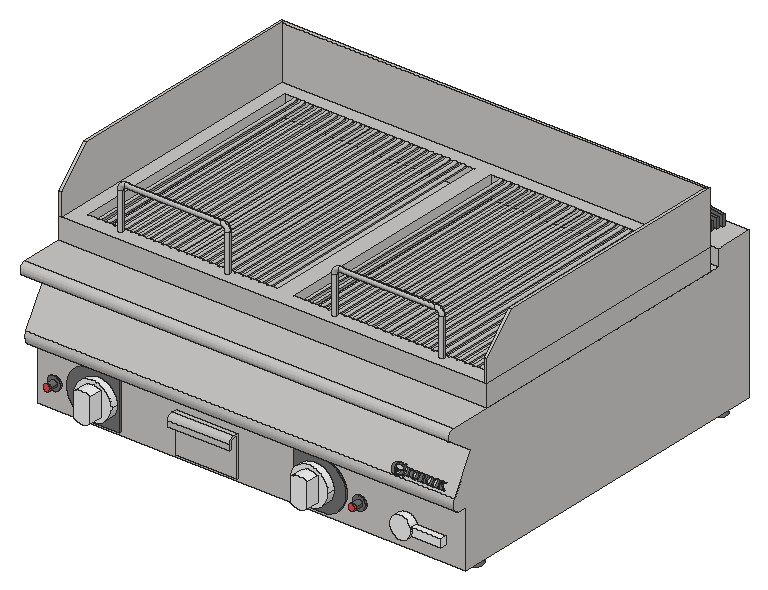
Revit family "QF_GIORIK_GL74TV", category Specialty Equipment, Revit 2014
Parameters (values of type "GL74TV")
  Weight in Pounds = 165.3465
  Waste Water Discharge Temperature [instance] = 0 °C
  URL Cutsheet = "www.giorik.com"
  URL = "www.giorik.com"
  Status [instance] = ""
  Specification by User [instance] = ""
  Specification by Manufacturer = ""
  Show Logo [instance] = yes
  Show Clearance [instance] = yes
  Serial Number = ""
  Seismic Rating = ""
  SMACNA No = ""
  Revision Code [instance] = ""
  Plumbing Remarks [instance] = ""
  Plumbing Connection Type [instance] = ""
  NAFEM Spec ID Number = ""
  Model = "GL74TV"
  Masterspec = ""
  Manufacturer = "GIORIK"
  Item Number [instance] = ""
  Installed By [instance] = ""
  Indirect Waste Size = 1 1/4"
  Indirect Waste Flow = 0.0 L/s
  Indirect Waste Connection Type [instance] = ""
  Indirect Waste Connection Height [instance] = 20 mm
  Identify Quantity as Lot [instance] = no
  Gas Size = 1"
  Gas RI Height [instance] = 0 mm
  Gas KW = 8
  Gas Input = 8000 W
  Gas Connection Height [instance] = 20 mm
  Furnished By [instance] = ""
  Foodservice Equipment Identifier [instance] = yes
  Description = "GAS STEAMGRILL"
  Cold Water Temperature Recommended = 0 °C
  Cold Water Size = 3/4"
  Cold Water RI Height [instance] = 20 mm
  Cold Water Minimum Pressure = 20000.0 Pa
  Cold Water Maximum Pressure = 50000.0 Pa
  Cold Water Flow [instance] = 0.0 L/s
  Cold Water Consumption [instance] = ""
  Cold Water Connection Height [instance] = 20 mm
  CSI MasterFormat = ""
  Assembly Code = "E1090320"
Reference planes
  plane 1 "Back": y = 0
  plane 2: z = 0
  plane 3 "Left": x = 0
  plane 4 "Right": x = 800
  plane 5 "Front": y = -720
  plane 6 "Top": z = 300
Forms (mm)
  Extrusion 1, solid, visible <- "Show Logo"
    sketch origin (586.604, -708.674, 117.684) x (-1, 0, 0) y (0, 0.515038, 0.857167)
      loop
        line (-118.824, 58.358) -> (-127.804, 58.358) -> (-125.523, 56.445) -> (-125.523, 48.027) -> (-127.804, 46.113) -> (-118.824, 46.113) -> (-121.105, 48.027) -> (-121.105, 56.445) -> (-118.824, 58.358)
      loop
        line (-163.721, 58.358) -> (-172.7, 58.358) -> (-170.42, 56.445) -> (-170.42, 48.027) -> (-172.7, 46.113) -> (-163.721, 46.113) -> (-166.001, 48.027) -> (-166.001, 56.445) -> (-163.721, 58.358)
      loop
        line (-174.332, 58.358) -> (-183.312, 58.358) -> (-181.031, 56.445) -> (-181.031, 52.435) -> (-186.419, 56.955) -> (-184.416, 58.358) -> (-191.268, 58.358) -> (-188.01, 56.839) -> (-185.455, 54.283) -> (-190.846, 47.858) -> (-193.396, 46.93) -> (-193.396, 46.113) -> (-184.416, 46.113) -> (-185.437, 47.571) -> (-182.443, 51.552) -> (-181.031, 50.894) -> (-181.031, 48.027) -> (-183.312, 46.113) -> (-174.332, 46.113) -> (-176.613, 48.027) -> (-176.613, 56.445) -> (-174.332, 58.358)
      loop
        line (-115.429, 62.063) -> (-115.429, 54.198)
        arc (-115.429, 54.198) -> (-111.618, 57.803) -> (-106.847, 59.986) r 16.039
        arc (-106.847, 59.986) -> (-103.314, 59.837) -> (-100.512, 57.68) r 5.851
        arc (-100.512, 57.68) -> (-98.815, 52.267) -> (-100.512, 46.853) r 9.479
        arc (-100.512, 46.853) -> (-102.406, 44.986) -> (-104.846, 43.93) r 7.236
        arc (-104.846, 43.93) -> (-107.728, 44.111) -> (-110.052, 45.825) r 5.11
        line (-110.052, 45.825) -> (-110.052, 52.001) -> (-116.141, 52.001) -> (-116.141, 45.503) -> (-117.893, 43.751) -> (-114.094, 44.769)
        arc (-114.094, 44.769) -> (-112.56, 44.947) -> (-111.129, 44.366) r 3.115
        arc (-111.129, 44.366) -> (-104.216, 42.091) -> (-97.303, 44.366) r 11.641
        arc (-97.303, 44.366) -> (-93.396, 52.107) -> (-97.303, 59.849) r 9.622
        arc (-97.303, 59.849) -> (-104.369, 62.174) -> (-111.435, 59.849) r 11.898
        line (-111.435, 59.849) -> (-115.429, 62.063)
      loop
        arc (-129.234, 56.068) -> (-135.893, 58.628) -> (-142.552, 56.068) r 9.941
        arc (-142.552, 56.068) -> (-144.234, 52.286) -> (-142.552, 48.505) r 5.093
        arc (-142.552, 48.505) -> (-135.893, 45.945) -> (-129.234, 48.505) r 9.941
        arc (-129.234, 48.505) -> (-127.552, 52.286) -> (-129.234, 56.068) r 5.093
      loop
        arc (-132.628, 54.403) -> (-135.893, 57.668) -> (-139.158, 54.403) r 3.265
        line (-139.158, 54.403) -> (-139.158, 50.169)
        arc (-139.158, 50.169) -> (-135.893, 46.904) -> (-132.628, 50.169) r 3.265
        line (-132.628, 50.169) -> (-132.628, 54.403)
      loop
        arc (-156.363, 58.365) -> (-159.647, 55.081) -> (-156.363, 51.796) r 3.285
        line (-156.363, 51.796) -> (-159.529, 47.306) -> (-162.087, 46.113) -> (-155.847, 46.113) -> (-153.529, 51.083) -> (-150.637, 51.083) -> (-150.637, 47.784) -> (-153.022, 46.113) -> (-144.011, 46.113) -> (-146.094, 47.68) -> (-146.094, 56.493) -> (-144.229, 58.365) -> (-156.363, 58.365)
      loop
        line (-150.637, 57.512) -> (-153.637, 57.512)
        arc (-153.637, 57.512) -> (-156.237, 54.912) -> (-153.637, 52.312) r 2.6
        line (-153.637, 52.312) -> (-150.637, 52.312) -> (-150.637, 57.512)
      loop
        line (-108.924, 52.001) -> (-104.936, 49.005) -> (-100.948, 52.001) -> (-108.924, 52.001)
    from 1.5 to -0.5
  Extrusion 2, solid
    sketch origin (0, 1000, -620) x (0, 1, 0) y (0, 0, 1)
      loop
        line (-1000, 919.988) -> (-1070, 919.988) -> (-1070, 889.988) -> (-1688.806, 889.988)
        arc (-1688.806, 889.988) -> (-1699.151, 883.075) -> (-1696.724, 870.873) r 11.197
        line (-1696.724, 870.873) -> (-1647.575, 836.458) -> (-1686.203, 772.171)
        arc (-1686.203, 772.171) -> (-1687.435, 755.768) -> (-1675, 745) r 18.302
        line (-1675, 745) -> (-1660, 745) -> (-1660, 640) -> (-1000, 640) -> (-1000, 919.988)
    from 0 to 800
  Extrusion 3, solid
    sketch origin (-308.221, -612, -651.25) x (1, 0, 0) y (0, 0, 1)
      loop
        line (463.221, 676.25) -> (463.221, 766.25) -> (409.698, 766.25)
        arc (409.698, 766.25) -> (364.698, 721.25) -> (409.698, 676.25) r 45
        line (409.698, 676.25) -> (463.221, 676.25)
    from 48 to 50
  Extrusion 4, solid
    sketch origin (466.331, -660.641, -651.634) x (-1, 0, 0) y (0, -0.000888, -1)
      loop
        circle (351.331, -721.346) r 35
    from 0 to 15
  Extrusion 5, solid
    sketch origin (466.331, -660.641, -651.634) x (-1, 0, 0) y (0, -0.000888, -1)
      loop
        arc (336.331, -743.846) -> (351.331, -748.846) -> (366.331, -743.846) r 25
        line (366.331, -743.846) -> (366.331, -698.846)
        arc (366.331, -698.846) -> (351.331, -693.846) -> (336.331, -698.846) r 25
        line (336.331, -698.846) -> (336.331, -743.846)
    from 15 to 40
  Extrusion 6, solid
    sketch origin (-94, 0, -610.001) x (1, 0, 0) y (0, 0, 1)
      loop
        line (135, 909.989) -> (453, 909.989) -> (453, 925.527) -> (347.056, 931.749) -> (240.944, 931.749) -> (135, 925.527) -> (135, 909.989)
    from 32 to 35
  Extrusion 7, solid
    sketch origin (-92, 10, -610.001) x (1, 0, 0) y (0, 0, 1)
      loop
        line (454, 909.989) -> (454, 928.527) -> (346.162, 939.193) -> (237.838, 939.193) -> (130, 928.527) -> (130, 909.989) -> (454, 909.989)
    from 32 to 35
  Extrusion 8, solid
    sketch origin (-90, 20, -610.001) x (1, 0, 0) y (0, 0, 1)
      loop
        line (455, 909.989) -> (455, 930.527) -> (345.396, 947.413) -> (234.604, 947.413) -> (125, 930.527) -> (125, 909.989) -> (455, 909.989)
    from 32 to 35
  Extrusion 9, solid
    sketch origin (0, 0, -600) x (0, 1, 0) y (0, 0, 1)
      loop
        line (-90, 909.988) -> (-90, 1009.988) -> (-551.877, 1009.988) -> (-610, 951.864) -> (-610, 909.988) -> (-90, 909.988)
    from 0 to 5
  Extrusion 10, solid
    sketch origin (0, -90, -600) x (1, 0, 0) y (0, 0, 1)
      loop
        line (5, 1009.988) -> (5, 909.988) -> (795, 909.988) -> (795, 1009.988) -> (5, 1009.988)
    from 0 to 5
  Sweep 11, solid
    path origin (32.128, -587.463, 1256.207) x (0, 0, 1) y (-1, 0, 0)
      loop
        line (-946.207, -65.372) -> (-876.207, -65.372)
        arc (-876.207, -65.372) -> (-869.136, -68.301) -> (-866.207, -75.372) r 10
        line (-866.207, -75.372) -> (-866.207, -255.372)
        arc (-866.207, -255.372) -> (-869.136, -262.443) -> (-876.207, -265.372) r 10
        line (-876.207, -265.372) -> (-946.207, -265.372)
    profile origin (97.5, -587.463, 345) x (-1, 0, 0) y (0, -1, 0)
      loop
        circle (0, 0) r 4
  Extrusion 12, solid
    sketch origin (1041.331, -660, -661.247) x (-1, 0, 0) y (0, 0, -1)
      loop
        circle (351.331, -721.221) r 20
    from 0 to 15
  Extrusion 13, solid
    sketch origin (410, -664, -662.044) x (1, 0, 0) y (0, 0, 1)
      loop
        line (275.18, 729.518) -> (275.18, 714.518) -> (355.18, 714.518) -> (355.18, 729.518) -> (275.18, 729.518)
    from 0 to 10
  Extrusion 14, solid
    sketch origin (122.347, -700, -540.1) x (0, 1, 0) y (0, 0, 1)
      loop
        line (40, 640.1) -> (30, 640.1)
        arc (30, 640.1) -> (22.929, 637.171) -> (20, 630.1) r 10
        line (20, 630.1) -> (20, 620.1) -> (22, 620.1) -> (22, 630.1)
        arc (22, 630.1) -> (24.343, 635.757) -> (30, 638.1) r 8
        line (30, 638.1) -> (38, 638.1) -> (38, 565.1) -> (40, 565.1) -> (40, 640.1)
    from 137.5 to 252.5
  Extrusion 15, solid
    sketch origin (432, -293, -30) x (0, 1, 0) y (-1, 0, 0)
      loop
        circle (-185, -308) r 9.3
    from 35 to 50
  Extrusion 16, solid
    sketch origin (0, 0, 300) x (0, 1, 0) y (-1, 0, 0)
      loop
        line (-90, 0) -> (-610, 0) -> (-610, -800) -> (-90, -800) -> (-90, 0)
      loop
        line (-120, -30) -> (-580, -30) -> (-580, -385) -> (-120, -385) -> (-120, -30)
      loop
        line (-120, -415) -> (-580, -415) -> (-580, -770) -> (-120, -770) -> (-120, -415)
    from -30.012 to 9.988
  Extrusion 17, solid
    sketch origin (0, 0, -600) x (1, 0, 0) y (0, 0, 1)
      loop
        circle (50, 906.988) r 3
    from 120 to 580
  Extrusion 18, solid
    sketch origin (15, 0, -600) x (1, 0, 0) y (0, 0, 1)
      loop
        circle (50, 906.988) r 3
    from 120 to 580
  Extrusion 19, solid
    sketch origin (30, 0, -600) x (1, 0, 0) y (0, 0, 1)
      loop
        circle (50, 906.988) r 3
    from 120 to 580
  Extrusion 20, solid
    sketch origin (45, 0, -600) x (1, 0, 0) y (0, 0, 1)
      loop
        circle (50, 906.988) r 3
    from 120 to 580
  Extrusion 21, solid
    sketch origin (60, 0, -600) x (1, 0, 0) y (0, 0, 1)
      loop
        circle (50, 906.988) r 3
    from 120 to 580
  Extrusion 22, solid
    sketch origin (75, 0, -600) x (1, 0, 0) y (0, 0, 1)
      loop
        circle (50, 906.988) r 3
    from 120 to 580
  Extrusion 23, solid
    sketch origin (90, 0, -600) x (1, 0, 0) y (0, 0, 1)
      loop
        circle (50, 906.988) r 3
    from 120 to 580
  Extrusion 24, solid
    sketch origin (105, 0, -600) x (1, 0, 0) y (0, 0, 1)
      loop
        circle (50, 906.988) r 3
    from 120 to 580
  Extrusion 25, solid
    sketch origin (120, 0, -600) x (1, 0, 0) y (0, 0, 1)
      loop
        circle (50, 906.988) r 3
    from 120 to 580
  Extrusion 26, solid
    sketch origin (135, 0, -600) x (1, 0, 0) y (0, 0, 1)
      loop
        circle (50, 906.988) r 3
    from 120 to 580
  Extrusion 27, solid
    sketch origin (150, 0, -600) x (1, 0, 0) y (0, 0, 1)
      loop
        circle (50, 906.988) r 3
    from 120 to 580
  Extrusion 28, solid
    sketch origin (165, 0, -600) x (1, 0, 0) y (0, 0, 1)
      loop
        circle (50, 906.988) r 3
    from 120 to 580
  Extrusion 29, solid
    sketch origin (180, 0, -600) x (1, 0, 0) y (0, 0, 1)
      loop
        circle (50, 906.988) r 3
    from 120 to 580
  Extrusion 30, solid
    sketch origin (195, 0, -600) x (1, 0, 0) y (0, 0, 1)
      loop
        circle (50, 906.988) r 3
    from 120 to 580
  Extrusion 31, solid
    sketch origin (210, 0, -600) x (1, 0, 0) y (0, 0, 1)
      loop
        circle (50, 906.988) r 3
    from 120 to 580
  Extrusion 32, solid
    sketch origin (225, 0, -600) x (1, 0, 0) y (0, 0, 1)
      loop
        circle (50, 906.988) r 3
    from 120 to 580
  Extrusion 33, solid
    sketch origin (240, 0, -600) x (1, 0, 0) y (0, 0, 1)
      loop
        circle (50, 906.988) r 3
    from 120 to 580
  Extrusion 34, solid
    sketch origin (255, 0, -600) x (1, 0, 0) y (0, 0, 1)
      loop
        circle (50, 906.988) r 3
    from 120 to 580
  Extrusion 35, solid
    sketch origin (270, 0, -600) x (1, 0, 0) y (0, 0, 1)
      loop
        circle (50, 906.988) r 3
    from 120 to 580
  Extrusion 36, solid
    sketch origin (285, 0, -600) x (1, 0, 0) y (0, 0, 1)
      loop
        circle (50, 906.988) r 3
    from 120 to 580
  Extrusion 37, solid
    sketch origin (300, 0, -600) x (1, 0, 0) y (0, 0, 1)
      loop
        circle (50, 906.988) r 3
    from 120 to 580
  Extrusion 38, solid
    sketch origin (-6.142, -635.246, -647.152) x (1, 0, 0) y (0, 0.000339, 1)
      loop
        circle (38.702, 711.666) r 12.5
    from 25 to 27
  Extrusion 39, solid
    sketch origin (-732.35, -662.248, -653.566) x (1, 0, 0) y (0, 0.000339, 1)
      loop
        circle (764.91, 718.089) r 6
    from 0 to 15
  Extrusion 40, solid
    sketch origin (-732.35, -663.41, -653.565) x (1, 0, 0) y (0, 0.000339, 1)
      loop
        circle (764.91, 718.089) r 6
    from 13.838 to 15.838
  Extrusion 41, solid
    sketch origin (795, 0, -600) x (0, 1, 0) y (0, 0, 1)
      loop
        line (-90, 909.988) -> (-90, 1009.988) -> (-551.877, 1009.988) -> (-610, 951.864) -> (-610, 909.988) -> (-90, 909.988)
    from 0 to 5
  Extrusion 42, solid
    sketch origin (306, 0, -610.001) x (1, 0, 0) y (0, 0, 1)
      loop
        line (135, 909.989) -> (453, 909.989) -> (453, 925.527) -> (347.056, 931.749) -> (240.944, 931.749) -> (135, 925.527) -> (135, 909.989)
    from 32 to 35
  Extrusion 43, solid
    sketch origin (308, 10, -610.001) x (1, 0, 0) y (0, 0, 1)
      loop
        line (454, 909.989) -> (454, 928.527) -> (346.162, 939.193) -> (237.838, 939.193) -> (130, 928.527) -> (130, 909.989) -> (454, 909.989)
    from 32 to 35
  Extrusion 44, solid
    sketch origin (310, 20, -610.001) x (1, 0, 0) y (0, 0, 1)
      loop
        line (455, 909.989) -> (455, 930.527) -> (345.396, 947.413) -> (234.604, 947.413) -> (125, 930.527) -> (125, 909.989) -> (455, 909.989)
    from 32 to 35
  Sweep 45, solid
    path origin (432.128, -587.463, 1256.207) x (0, 0, 1) y (-1, 0, 0)
      loop
        line (-946.207, -65.372) -> (-876.207, -65.372)
        arc (-876.207, -65.372) -> (-869.136, -68.301) -> (-866.207, -75.372) r 10
        line (-866.207, -75.372) -> (-866.207, -255.372)
        arc (-866.207, -255.372) -> (-869.136, -262.443) -> (-876.207, -265.372) r 10
        line (-876.207, -265.372) -> (-946.207, -265.372)
    profile origin (497.5, -587.463, 345) x (-1, 0, 0) y (0, -1, 0)
      loop
        circle (0, 0) r 4
  Extrusion 46, solid
    sketch origin (943.221, -612, -651.25) x (-1, 0, 0) y (0, 0, -1)
      loop
        line (463.221, -676.25) -> (409.698, -676.25)
        arc (409.698, -676.25) -> (364.698, -721.25) -> (409.698, -766.25) r 45
        line (409.698, -766.25) -> (463.221, -766.25) -> (463.221, -676.25)
    from 48 to 50
  Extrusion 47, solid
    sketch origin (168.669, -660.641, -651.634) x (1, 0, 0) y (0, 0.000888, 1)
      loop
        circle (351.331, 721.346) r 35
    from 0 to 15
  Extrusion 48, solid
    sketch origin (168.669, -660.641, -651.634) x (1, 0, 0) y (0, 0.000888, 1)
      loop
        line (336.331, 743.846) -> (336.331, 698.846)
        arc (336.331, 698.846) -> (351.331, 693.846) -> (366.331, 698.846) r 25
        line (366.331, 698.846) -> (366.331, 743.846)
        arc (366.331, 743.846) -> (351.331, 748.846) -> (336.331, 743.846) r 25
    from 15 to 40
  Extrusion 49, solid
    sketch origin (641.142, -635.246, -647.152) x (-1, 0, 0) y (0, -0.000339, -1)
      loop
        circle (38.702, -711.666) r 12.5
    from 25 to 27
  Extrusion 50, solid
    sketch origin (1367.35, -662.248, -653.566) x (-1, 0, 0) y (0, -0.000339, -1)
      loop
        circle (764.91, -718.089) r 6
    from 0 to 15
  Extrusion 51, solid
    sketch origin (1367.35, -663.41, -653.565) x (-1, 0, 0) y (0, -0.000339, -1)
      loop
        circle (764.91, -718.089) r 6
    from 13.838 to 15.838
  Extrusion 52, solid
    sketch origin (315, 0, -600) x (1, 0, 0) y (0, 0, 1)
      loop
        circle (50, 906.988) r 3
    from 120 to 580
  Extrusion 53, solid
    sketch origin (385, 0, -600) x (1, 0, 0) y (0, 0, 1)
      loop
        circle (50, 906.988) r 3
    from 120 to 580
  Extrusion 54, solid
    sketch origin (400, 0, -600) x (1, 0, 0) y (0, 0, 1)
      loop
        circle (50, 906.988) r 3
    from 120 to 580
  Extrusion 55, solid
    sketch origin (415, 0, -600) x (1, 0, 0) y (0, 0, 1)
      loop
        circle (50, 906.988) r 3
    from 120 to 580
  Extrusion 56, solid
    sketch origin (430, 0, -600) x (1, 0, 0) y (0, 0, 1)
      loop
        circle (50, 906.988) r 3
    from 120 to 580
  Extrusion 57, solid
    sketch origin (445, 0, -600) x (1, 0, 0) y (0, 0, 1)
      loop
        circle (50, 906.988) r 3
    from 120 to 580
  Extrusion 58, solid
    sketch origin (460, 0, -600) x (1, 0, 0) y (0, 0, 1)
      loop
        circle (50, 906.988) r 3
    from 120 to 580
  Extrusion 59, solid
    sketch origin (475, 0, -600) x (1, 0, 0) y (0, 0, 1)
      loop
        circle (50, 906.988) r 3
    from 120 to 580
  Extrusion 60, solid
    sketch origin (490, 0, -600) x (1, 0, 0) y (0, 0, 1)
      loop
        circle (50, 906.988) r 3
    from 120 to 580
  Extrusion 61, solid
    sketch origin (505, 0, -600) x (1, 0, 0) y (0, 0, 1)
      loop
        circle (50, 906.988) r 3
    from 120 to 580
  Extrusion 62, solid
    sketch origin (520, 0, -600) x (1, 0, 0) y (0, 0, 1)
      loop
        circle (50, 906.988) r 3
    from 120 to 580
  Extrusion 63, solid
    sketch origin (535, 0, -600) x (1, 0, 0) y (0, 0, 1)
      loop
        circle (50, 906.988) r 3
    from 120 to 580
  Extrusion 64, solid
    sketch origin (550, 0, -600) x (1, 0, 0) y (0, 0, 1)
      loop
        circle (50, 906.988) r 3
    from 120 to 580
  Extrusion 65, solid
    sketch origin (565, 0, -600) x (1, 0, 0) y (0, 0, 1)
      loop
        circle (50, 906.988) r 3
    from 120 to 580
  Extrusion 66, solid
    sketch origin (580, 0, -600) x (1, 0, 0) y (0, 0, 1)
      loop
        circle (50, 906.988) r 3
    from 120 to 580
  Extrusion 67, solid
    sketch origin (595, 0, -600) x (1, 0, 0) y (0, 0, 1)
      loop
        circle (50, 906.988) r 3
    from 120 to 580
  Extrusion 68, solid
    sketch origin (610, 0, -600) x (1, 0, 0) y (0, 0, 1)
      loop
        circle (50, 906.988) r 3
    from 120 to 580
  Extrusion 69, solid
    sketch origin (625, 0, -600) x (1, 0, 0) y (0, 0, 1)
      loop
        circle (50, 906.988) r 3
    from 120 to 580
  Extrusion 70, solid
    sketch origin (640, 0, -600) x (1, 0, 0) y (0, 0, 1)
      loop
        circle (50, 906.988) r 3
    from 120 to 580
  Extrusion 71, solid
    sketch origin (655, 0, -600) x (1, 0, 0) y (0, 0, 1)
      loop
        circle (50, 906.988) r 3
    from 120 to 580
  Extrusion 72, solid
    sketch origin (670, 0, -600) x (1, 0, 0) y (0, 0, 1)
      loop
        circle (50, 906.988) r 3
    from 120 to 580
  Extrusion 73, solid
    sketch origin (685, 0, -600) x (1, 0, 0) y (0, 0, 1)
      loop
        circle (50, 906.988) r 3
    from 120 to 580
  Extrusion 74, solid
    sketch origin (700, 0, -600) x (1, 0, 0) y (0, 0, 1)
      loop
        circle (50, 906.988) r 3
    from 120 to 580
  Extrusion 75, solid
    sketch origin (306, 0, -610.001) x (1, 0, 0) y (0, 0, 1)
      loop
        line (135, 909.989) -> (453, 909.989) -> (453, 925.527) -> (347.056, 931.749) -> (240.944, 931.749) -> (135, 925.527) -> (135, 909.989)
    from 32 to 35
  Extrusion 76, solid
    sketch origin (308, 10, -610.001) x (1, 0, 0) y (0, 0, 1)
      loop
        line (454, 909.989) -> (454, 928.527) -> (346.162, 939.193) -> (237.838, 939.193) -> (130, 928.527) -> (130, 909.989) -> (454, 909.989)
    from 32 to 35
  Extrusion 77, solid
    sketch origin (310, 20, -610.001) x (1, 0, 0) y (0, 0, 1)
      loop
        line (455, 909.989) -> (455, 930.527) -> (345.396, 947.413) -> (234.604, 947.413) -> (125, 930.527) -> (125, 909.989) -> (455, 909.989)
    from 32 to 35
  Extrusion 78, solid
    sketch origin (-4, 0, 0) x (1, 0, 0) y (0, 1, 0)
      loop
        circle (54, -385) r 12.5
    from 5 to 20
  Extrusion 79, solid
    sketch origin (22, 0, -30) x (0, 1, 0) y (-1, 0, 0)
      loop
        circle (-185, -308) r 16
    from 35 to 50
  Extrusion 80, solid
    sketch origin (543.603, 45.293, -30) x (0, 1, 0) y (-1, 0, 0)
      loop
        circle (-79.293, 516.603) r 5
    from 41.965 to 50
  Revolve 81, solid
    sketch origin (27, 49.943, -600) x (0, 1, 0) y (0, 0, 1)
      loop
        line (-83.943, 611.965) -> (-94.752, 611.965) -> (-97.943, 600) -> (-83.943, 600) -> (-83.943, 611.965)
      axis (-83.943, 611.965) -> (-83.943, 600)
    angle from 0 to 360
  Extrusion 82, solid
    sketch origin (543.603, -524.707, -30) x (0, 1, 0) y (-1, 0, 0)
      loop
        circle (-79.293, 516.603) r 5
    from 41.965 to 50
  Revolve 83, solid
    sketch origin (27, -520.057, -600) x (0, 1, 0) y (0, 0, 1)
      loop
        line (-83.943, 611.965) -> (-94.752, 611.965) -> (-97.943, 600) -> (-83.943, 600) -> (-83.943, 611.965)
      axis (-83.943, 611.965) -> (-83.943, 600)
    angle from 0 to 360
  Extrusion 84, solid
    sketch origin (256.397, 45.293, -30) x (0, 1, 0) y (-1, 0, 0)
      loop
        circle (-79.293, -516.603) r 5
    from 41.965 to 50
  Revolve 85, solid
    sketch origin (773, 49.943, -600) x (0, 1, 0) y (0, 0, -1)
      loop
        line (-83.943, -611.965) -> (-83.943, -600) -> (-97.943, -600) -> (-94.752, -611.965) -> (-83.943, -611.965)
      axis (-83.943, -611.965) -> (-83.943, -600)
    angle from 0 to 360
  Extrusion 86, solid
    sketch origin (256.397, -524.707, -30) x (0, 1, 0) y (-1, 0, 0)
      loop
        circle (-79.293, -516.603) r 5
    from 41.965 to 50
  Revolve 87, solid
    sketch origin (773, -520.057, -600) x (0, 1, 0) y (0, 0, -1)
      loop
        line (-83.943, -611.965) -> (-83.943, -600) -> (-97.943, -600) -> (-94.752, -611.965) -> (-83.943, -611.965)
      axis (-83.943, -611.965) -> (-83.943, -600)
    angle from 0 to 360
Lines and regions (mm)
  symbolic lines, style "200-EquipBorder-2D"
    curve 1: line (0, -720, 0) -> (800, -720, 0)
    curve 2: line (800, -720, 0) -> (800, 0, 0)
    curve 3: line (800, 0, 0) -> (0, 0, 0)
    curve 4: line (0, 0, 0) -> (0, -720, 0)
  symbolic lines, style "200-EquipInternal-2D"
    curve 5: line (0, -70, 300) -> (800, -70, 300)
    curve 6: line (35, -12, 900) -> (365, -12, 900)
    curve 7: line (365, -12, 900) -> (365, -15, 900)
    curve 8: line (365, -15, 900) -> (35, -15, 900)
    curve 9: line (35, -15, 900) -> (35, -12, 900)
    curve 10: line (38, -22, 900) -> (362, -22, 900)
    curve 11: line (362, -22, 900) -> (362, -25, 900)
    curve 12: line (362, -25, 900) -> (38, -25, 900)
    curve 13: line (38, -25, 900) -> (38, -22, 900)
    curve 14: line (41, -32, 900) -> (359, -32, 900)
    curve 15: line (359, -32, 900) -> (359, -35, 900)
    curve 16: line (359, -35, 900) -> (41, -35, 900)
    curve 17: line (41, -35, 900) -> (41, -32, 900)
    curve 18: line (5, -95, 300) -> (795, -95, 300)
    curve 19: line (0, -90, 300) -> (800, -90, 300)
    curve 20: line (800, -90, 300) -> (800, -610, 300)
    curve 21: line (795, -610, 300) -> (795, -95, 300)
    curve 22: line (5, -95, 300) -> (5, -610, 300)
    curve 23: line (0, -610, 300) -> (0, -90, 300)
    curve 24: line (0, -610, 300) -> (800, -610, 300)
    curve 25: line (30, -580, 300) -> (30, -120, 300)
    curve 26: line (385, -120, 300) -> (385, -580, 300)
    curve 27: line (137, -120, 300) -> (137, -580, 300)
    curve 28: line (47, -580, 300) -> (47, -120, 300)
    curve 29: line (53, -580, 300) -> (53, -120, 300)
    curve 30: line (62, -120, 300) -> (62, -580, 300)
    curve 31: line (62, -580, 300) -> (53, -580, 300)
    curve 32: line (47, -580, 300) -> (30, -580, 300)
    curve 33: line (30, -120, 300) -> (47, -120, 300)
    curve 34: line (53, -120, 300) -> (62, -120, 300)
    curve 35: line (68, -120, 300) -> (68, -580, 300)
    curve 36: line (68, -580, 300) -> (77, -580, 300)
    curve 37: line (77, -580, 300) -> (77, -120, 300)
    curve 38: line (77, -120, 300) -> (68, -120, 300)
    curve 39: line (83, -120, 300) -> (92, -120, 300)
    curve 40: line (92, -120, 300) -> (92, -580, 300)
    curve 41: line (92, -580, 300) -> (83, -580, 300)
    curve 42: line (83, -580, 300) -> (83, -120, 300)
    curve 43: line (98, -120, 300) -> (98, -580, 300)
    curve 44: line (98, -580, 300) -> (107, -580, 300)
    curve 45: line (107, -580, 300) -> (107, -120, 300)
    curve 46: line (107, -120, 300) -> (98, -120, 300)
    curve 47: line (113, -120, 300) -> (122, -120, 300)
    curve 48: line (122, -120, 300) -> (122, -580, 300)
    curve 49: line (122, -580, 300) -> (113, -580, 300)
    curve 50: line (113, -580, 300) -> (113, -120, 300)
    curve 51: line (137, -120, 300) -> (128, -120, 300)
    curve 52: line (128, -120, 300) -> (128, -580, 300)
    curve 53: line (128, -580, 300) -> (137, -580, 300)
    curve 54: line (143, -580, 300) -> (143, -120, 300)
    curve 55: line (143, -120, 300) -> (152, -120, 300)
    curve 56: line (152, -120, 300) -> (152, -580, 300)
    curve 57: line (152, -580, 300) -> (143, -580, 300)
    curve 58: line (158, -580, 300) -> (158, -120, 300)
    curve 59: line (158, -120, 300) -> (167, -120, 300)
    curve 60: line (167, -120, 300) -> (167, -580, 300)
    curve 61: line (167, -580, 300) -> (158, -580, 300)
    curve 62: line (173, -580, 300) -> (173, -120, 300)
    curve 63: line (173, -120, 300) -> (182, -120, 300)
    curve 64: line (182, -120, 300) -> (182, -580, 300)
    curve 65: line (182, -580, 300) -> (173, -580, 300)
    curve 66: line (188, -580, 300) -> (188, -120, 300)
    curve 67: line (188, -120, 300) -> (197, -120, 300)
    curve 68: line (197, -120, 300) -> (197, -580, 300)
    curve 69: line (197, -580, 300) -> (188, -580, 300)
    curve 70: line (203, -580, 300) -> (203, -120, 300)
    curve 71: line (203, -120, 300) -> (212, -120, 300)
    curve 72: line (212, -120, 300) -> (212, -580, 300)
    curve 73: line (212, -580, 300) -> (203, -580, 300)
    curve 74: line (218, -580, 300) -> (218, -120, 300)
    curve 75: line (218, -120, 300) -> (227, -120, 300)
    curve 76: line (227, -120, 300) -> (227, -580, 300)
    curve 77: line (227, -580, 300) -> (218, -580, 300)
    curve 78: line (233, -580, 300) -> (233, -120, 300)
    curve 79: line (233, -120, 300) -> (242, -120, 300)
    curve 80: line (242, -120, 300) -> (242, -580, 300)
    curve 81: line (242, -580, 300) -> (233, -580, 300)
    curve 82: line (248, -580, 300) -> (248, -120, 300)
    curve 83: line (248, -120, 300) -> (257, -120, 300)
    curve 84: line (257, -120, 300) -> (257, -580, 300)
    curve 85: line (257, -580, 300) -> (248, -580, 300)
    curve 86: line (263, -580, 300) -> (263, -120, 300)
    curve 87: line (263, -120, 300) -> (272, -120, 300)
    curve 88: line (272, -120, 300) -> (272, -580, 300)
    curve 89: line (272, -580, 300) -> (263, -580, 300)
    curve 90: line (278, -580, 300) -> (278, -120, 300)
    curve 91: line (278, -120, 300) -> (287, -120, 300)
    curve 92: line (287, -120, 300) -> (287, -580, 300)
    curve 93: line (287, -580, 300) -> (278, -580, 300)
    curve 94: line (293, -580, 300) -> (293, -120, 300)
    curve 95: line (293, -120, 300) -> (302, -120, 300)
    curve 96: line (302, -120, 300) -> (302, -580, 300)
    curve 97: line (302, -580, 300) -> (293, -580, 300)
    curve 98: line (308, -580, 300) -> (308, -120, 300)
    curve 99: line (308, -120, 300) -> (317, -120, 300)
    curve 100: line (317, -120, 300) -> (317, -580, 300)
    curve 101: line (317, -580, 300) -> (308, -580, 300)
    curve 102: line (323, -580, 300) -> (323, -120, 300)
    curve 103: line (323, -120, 300) -> (332, -120, 300)
    curve 104: line (332, -120, 300) -> (332, -580, 300)
    curve 105: line (332, -580, 300) -> (323, -580, 300)
    curve 106: line (338, -580, 300) -> (338, -120, 300)
    curve 107: line (338, -120, 300) -> (347, -120, 300)
    curve 108: line (347, -120, 300) -> (347, -580, 300)
    curve 109: line (347, -580, 300) -> (338, -580, 300)
    curve 110: line (353, -580, 300) -> (353, -120, 300)
    curve 111: line (353, -120, 300) -> (362, -120, 300)
    curve 112: line (353, -580, 300) -> (362, -580, 300)
    curve 113: line (97.5, -583.463, 300) -> (297.5, -583.463, 300)
    curve 114: line (297.5, -591.463, 300) -> (97.5, -591.463, 300)
    curve 115: arc (97.5, -583.463, 300) -> (93.5, -587.463, 300) -> (97.5, -591.463, 300) r 4
    curve 116: arc (297.5, -583.463, 300) -> (301.5, -587.463, 300) -> (297.5, -591.463, 300) r 4
    curve 117: line (362, -120, 300) -> (362, -580, 300)
    curve 118: line (368, -580, 300) -> (368, -120, 300)
    curve 119: line (368, -120, 300) -> (385, -120, 300)
    curve 120: line (385, -580, 300) -> (368, -580, 300)
    curve 121: line (522, -120, 300) -> (522, -580, 300)
    curve 122: line (432, -580, 300) -> (432, -120, 300)
    curve 123: line (438, -580, 300) -> (438, -120, 300)
    curve 124: line (447, -120, 300) -> (447, -580, 300)
    curve 125: line (453, -120, 300) -> (453, -580, 300)
    curve 126: line (462, -580, 300) -> (462, -120, 300)
    curve 127: line (477, -120, 300) -> (477, -580, 300)
    curve 128: line (468, -580, 300) -> (468, -120, 300)
    curve 129: line (483, -120, 300) -> (483, -580, 300)
    curve 130: line (492, -580, 300) -> (492, -120, 300)
    curve 131: line (507, -120, 300) -> (507, -580, 300)
    curve 132: line (498, -580, 300) -> (498, -120, 300)
    curve 133: line (513, -120, 300) -> (513, -580, 300)
    curve 134: line (528, -580, 300) -> (528, -120, 300)
    curve 135: line (537, -120, 300) -> (537, -580, 300)
    curve 136: line (543, -580, 300) -> (543, -120, 300)
    curve 137: line (552, -120, 300) -> (552, -580, 300)
    curve 138: line (558, -580, 300) -> (558, -120, 300)
    curve 139: line (567, -120, 300) -> (567, -580, 300)
    curve 140: line (573, -580, 300) -> (573, -120, 300)
    curve 141: line (582, -120, 300) -> (582, -580, 300)
    curve 142: line (588, -580, 300) -> (588, -120, 300)
    curve 143: line (597, -120, 300) -> (597, -580, 300)
    curve 144: line (603, -580, 300) -> (603, -120, 300)
    curve 145: line (612, -120, 300) -> (612, -580, 300)
    curve 146: line (618, -580, 300) -> (618, -120, 300)
    curve 147: line (627, -120, 300) -> (627, -580, 300)
    curve 148: line (633, -580, 300) -> (633, -120, 300)
    curve 149: line (642, -120, 300) -> (642, -580, 300)
    curve 150: line (648, -580, 300) -> (648, -120, 300)
    curve 151: line (657, -120, 300) -> (657, -580, 300)
    curve 152: line (663, -580, 300) -> (663, -120, 300)
    curve 153: line (672, -120, 300) -> (672, -580, 300)
    curve 154: line (678, -580, 300) -> (678, -120, 300)
    curve 155: line (687, -120, 300) -> (687, -580, 300)
    curve 156: line (693, -580, 300) -> (693, -120, 300)
    curve 157: line (702, -120, 300) -> (702, -580, 300)
    curve 158: line (708, -580, 300) -> (708, -120, 300)
    curve 159: line (717, -120, 300) -> (717, -580, 300)
    curve 160: line (723, -580, 300) -> (723, -120, 300)
    curve 161: line (732, -120, 300) -> (732, -580, 300)
    curve 162: line (738, -580, 300) -> (738, -120, 300)
    curve 163: line (747, -120, 300) -> (747, -580, 300)
    curve 164: line (753, -580, 300) -> (753, -120, 300)
    curve 165: line (415, -580, 300) -> (415, -120, 300)
    curve 166: line (770, -120, 300) -> (770, -580, 300)
    curve 167: line (415, -120, 300) -> (432, -120, 300)
    curve 168: line (438, -120, 300) -> (447, -120, 300)
    curve 169: line (453, -120, 300) -> (462, -120, 300)
    curve 170: line (468, -120, 300) -> (477, -120, 300)
    curve 171: line (483, -120, 300) -> (492, -120, 300)
    curve 172: line (498, -120, 300) -> (507, -120, 300)
    curve 173: line (513, -120, 300) -> (522, -120, 300)
    curve 174: line (528, -120, 300) -> (537, -120, 300)
    curve 175: line (558, -120, 300) -> (567, -120, 300)
    curve 176: line (543, -120, 300) -> (552, -120, 300)
    curve 177: line (573, -120, 300) -> (582, -120, 300)
    curve 178: line (588, -120, 300) -> (597, -120, 300)
    curve 179: line (603, -120, 300) -> (612, -120, 300)
    curve 180: line (618, -120, 300) -> (627, -120, 300)
    curve 181: line (633, -120, 300) -> (642, -120, 300)
    curve 182: line (648, -120, 300) -> (657, -120, 300)
    curve 183: line (663, -120, 300) -> (672, -120, 300)
    curve 184: line (678, -120, 300) -> (687, -120, 300)
    curve 185: line (693, -120, 300) -> (702, -120, 300)
    curve 186: line (770, -120, 300) -> (753, -120, 300)
    curve 187: line (747, -120, 300) -> (738, -120, 300)
    curve 188: line (732, -120, 300) -> (723, -120, 300)
    curve 189: line (717, -120, 300) -> (708, -120, 300)
    curve 190: line (770, -580, 300) -> (753, -580, 300)
    curve 191: line (747, -580, 300) -> (738, -580, 300)
    curve 192: line (732, -580, 300) -> (723, -580, 300)
    curve 193: line (717, -580, 300) -> (708, -580, 300)
    curve 194: line (702, -580, 300) -> (693, -580, 300)
    curve 195: line (687, -580, 300) -> (678, -580, 300)
    curve 196: line (672, -580, 300) -> (663, -580, 300)
    curve 197: line (697.5, -591.463, 300) -> (497.5, -591.463, 300)
    curve 198: line (498, -580, 300) -> (507, -580, 300)
    curve 199: line (513, -580, 300) -> (522, -580, 300)
    curve 200: line (528, -580, 300) -> (537, -580, 300)
    curve 201: line (543, -580, 300) -> (552, -580, 300)
    curve 202: line (558, -580, 300) -> (567, -580, 300)
    curve 203: line (573, -580, 300) -> (582, -580, 300)
    curve 204: line (657, -580, 300) -> (648, -580, 300)
    curve 205: line (642, -580, 300) -> (633, -580, 300)
    curve 206: line (627, -580, 300) -> (618, -580, 300)
    curve 207: line (612, -580, 300) -> (603, -580, 300)
    curve 208: line (597, -580, 300) -> (588, -580, 300)
    curve 209: line (492, -580, 300) -> (483, -580, 300)
    curve 210: line (477, -580, 300) -> (468, -580, 300)
    curve 211: line (462, -580, 300) -> (453, -580, 300)
    curve 212: line (447, -580, 300) -> (438, -580, 300)
    curve 213: line (432, -580, 300) -> (415, -580, 300)
    curve 214: line (497.5, -583.463, 300) -> (697.5, -583.463, 300)
    curve 215: arc (497.5, -583.463, 300) -> (493.5, -587.463, 300) -> (497.5, -591.463, 300) r 4
    curve 216: arc (697.5, -583.463, 300) -> (701.5, -587.463, 300) -> (697.5, -591.463, 300) r 4
    curve 217: line (435, -12, 900) -> (765, -12, 900)
    curve 218: line (765, -12, 900) -> (765, -15, 900)
    curve 219: line (765, -15, 900) -> (435, -15, 900)
    curve 220: line (435, -15, 900) -> (435, -12, 900)
    curve 221: line (438, -22, 900) -> (762, -22, 900)
    curve 222: line (762, -22, 900) -> (762, -25, 900)
    curve 223: line (762, -25, 900) -> (438, -25, 900)
    curve 224: line (438, -25, 900) -> (438, -22, 900)
    curve 225: line (441, -32, 900) -> (759, -32, 900)
    curve 226: line (759, -32, 900) -> (759, -35, 900)
    curve 227: line (759, -35, 900) -> (441, -35, 900)
    curve 228: line (441, -35, 900) -> (441, -32, 900)
Dimensions and locks
  plane 3 "Left" to plane 4 "Right" = 800 mm
  plane 5 "Front" to plane 1 "Back" = 720 mm
  plane 4 "Right" to plane 3 "Left" = 800 mm
  plane 1 "Back" to plane 5 "Front" = 720 mm
  plane 6 "Top" to level = 300 mm  (x2)
  aligned and locked: level to plane 2
Connectors
  piping at (740, -478, 5), diameter 19.05, driven by "Cold Water Size", driven by "Cold Water Flow"
    settings: on Extrusion 15, index 3, connector inside diameter 24", connector length 0 mm, flow factor 0, pipe flow 0.0 L/s, pressure drop 0.0 Pa, fitting loss kfactor 0, connector angle 0.00°, fixture units 0, engagement length 0 mm, angle of deflection 0.00°, flow configuration 1, flow direction 1, fitting loss method 0, system type 20, joint type 0, gender type 0, connector reference index -1, connector utility 0, adjustable connector no, is connector primary yes, connector description "Water inlet"
  piping at (50, -385, 5), diameter 25.4, driven by "Gas Size"
    settings: on Extrusion 78, index 4, connector inside diameter 24", connector length 0 mm, flow factor 0, pipe flow 0.0 L/s, pressure drop 0.0 Pa, fitting loss kfactor 0, connector angle 0.00°, fixture units 0, engagement length 0 mm, angle of deflection 0.00°, flow configuration 1, flow direction 1, fitting loss method 0, system type 22, joint type 0, gender type 0, connector reference index -1, connector utility 0, adjustable connector no, is connector primary no, connector description "Gas inlet"
  piping at (330, -185, 5), diameter 19.05, driven by "Cold Water Size", driven by "Cold Water Flow"
    settings: on Extrusion 79, index 5, connector inside diameter 24", connector length 0 mm, flow factor 0, pipe flow 0.0 L/s, pressure drop 0.0 Pa, fitting loss kfactor 0, connector angle 0.00°, fixture units 0, engagement length 0 mm, angle of deflection 0.00°, flow configuration 1, flow direction 2, fitting loss method 0, system type 20, joint type 0, gender type 0, connector reference index -1, connector utility 0, adjustable connector no, is connector primary no, connector description "Water drain"
